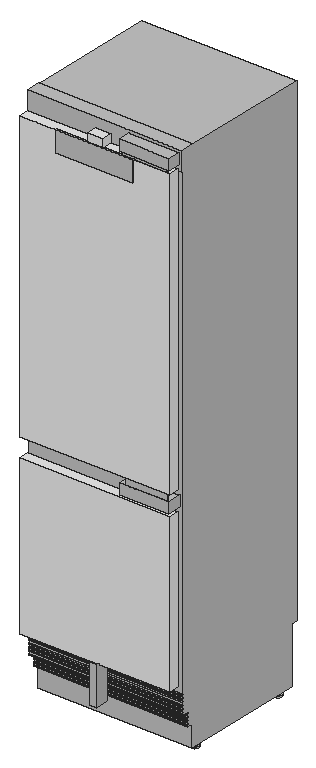
Revit family "FP_Revit_18_RS2484WRUK1_Fridge_90001070A", category Specialty Equipment, Revit 2018 (continued)
Definition of nested family "Handle Professional Square - Horizontal"
  Dimensions and locks
    aligned and locked: level to plane 2
    aligned and locked: plane 5 "Product RHS" to Extrusion 1 sketch curve
    aligned and locked: Extrusion 1 sketch curve to plane 1 "Center (Front/Back)"
    aligned and locked: plane 1 "Center (Front/Back)" to Extrusion 1 sketch curve
    aligned and locked: Extrusion 1 sketch curve to plane 6 "LHS Standoff"
    aligned and locked: Extrusion 1 sketch curve to plane 7 "RHS Standoff"
    aligned and locked: plane 7 "RHS Standoff" to Extrusion 2
    aligned and locked: Extrusion 2 to plane 6 "LHS Standoff"
    aligned and locked: plane 5 "Product RHS" to Extrusion 7 sketch curve
    aligned and locked: Extrusion 7 sketch curve to plane 7 "RHS Standoff"
    aligned and locked: plane 6 "LHS Standoff" to Extrusion 7 sketch curve
    aligned and locked: plane 4 "Product LHS" to Extrusion 7 sketch curve
    aligned and locked: Extrusion 7 sketch curve to plane 1 "Center (Front/Back)"
    aligned and locked: plane 1 "Center (Front/Back)" to Extrusion 7 sketch curve
  Automatic sketch dimensions
    Extrusion 1 sketch curve to plane 4 "Product LHS" = 0 mm
    Extrusion 1 sketch curve to plane 4 "Product LHS" = 10 mm
    plane 5 "Product RHS" to Extrusion 1 sketch curve = 10 mm
    Extrusion 1 sketch curve to Extrusion 1 sketch curve = 40 mm  (x2)
    level to Extrusion 2 sketch curve = 0 mm
    plane 1 "Center (Front/Back)" to Extrusion 2 sketch curve = 61.313 mm
    Extrusion 2 sketch curve to Extrusion 2 sketch curve = 13.513 mm
    Extrusion 2 sketch curve to Extrusion 2 sketch curve = 1.328 mm  (x4)
    Extrusion 2 sketch curve to Extrusion 2 sketch curve = 9.684 mm  (x2)
    Extrusion 2 sketch curve to Extrusion 2 sketch curve = 14.172 mm
    Sweep 3 sketch curve to profile plane = 0 mm  (x2)
    Sweep 3 sketch curve to profile plane = 2.5 mm  (x2)
    Sweep 4 sketch curve to profile plane = 0 mm  (x2)
    Sweep 4 sketch curve to profile plane = 2.5 mm  (x2)
    profile plane to Sweep 5 sketch curve = 0 mm
    Sweep 5 sketch curve to profile plane = 0 mm
    Sweep 5 sketch curve to profile plane = 2.5 mm  (x2)
    profile plane to Sweep 6 sketch curve = 0 mm
    Sweep 6 sketch curve to profile plane = 0 mm
    Sweep 6 sketch curve to profile plane = 2.5 mm  (x2)
    Extrusion 7 sketch curve to plane 4 "Product LHS" = 10 mm
    plane 5 "Product RHS" to Extrusion 7 sketch curve = 10 mm
    plane 1 "Center (Front/Back)" to Extrusion 7 sketch curve = 32 mm
    plane 1 "Center (Front/Back)" to Extrusion 7 sketch curve = 40 mm
Definition of nested family "Visibility Control Note 18"
  Types (3): name
    New
    Resolved
    Active
  Reference planes
    plane 1: y = 0
    plane 2: x = 0
  Text (mm)
    text "Edit Type: \nTo control handle kit \nand door panel visibility\n options\n\nDelete unwanted kits \nto reduce file size" at (-0.165, 35.556, 0)
Types (3, lengths in mm): name | Model
  (no name) | "RS2484WRUK1"
  RS2484WRU1 | "RS2484WRU1"
  RS2484WRUK1 | "RS2484WRUK1"
